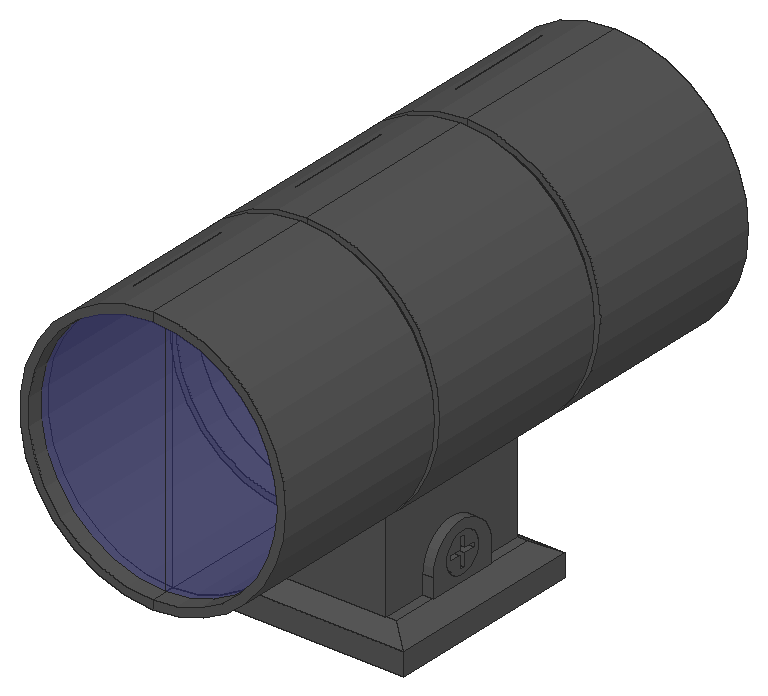
Revit family "CARLO CYLINDER LIGHT WALL MOUNT", category Lighting Fixtures, host Face, Revit 2020 (continued)
Types (10): name | Wattage_Input | Wattage Comments | Wattage | Photometric Web File | built-in parameter 1150142 | Model | built-in parameter 1150105 | Lumens | Light Length 1 | LIGHT RADIUS | LIGHT PLACEMENT | LIGHT LENGTH | LIGHT DIA | built-in parameter 1150106 | FIXED END HEIGHT | Curve base Height | Base Curve | BEAMING ANGLE | Apparent Load
    00.1 1212.3 \r\n 1136.6 1056.4 977.02 894.17 820.48 771.3 734.2 701.6 674.29 650.52 \r\n 630.28 613.04 598.54 586.53 576.5 567.96 560.73 554.58 549.15 543.98 \r\n 539.18 534.71 530.61 526.97 523.53 519.98 516.44 512.85 509.41 506.44 \r\n 503.51 500.2 496.84 493.69 490.57 487.5 484.18 480.23 475.8 471.65 \r\n 465.49 455.27 441.09 421.84 399.05 373.78 346.32 317.19 286.75 255.22 \r\n 223.61 191.93 163.33 142.66 124.77 105.68 86.736 66.186 49.422 43.584 \r\n 41.671 38.526 35.757 33.343 31.019 28.357 25.814 23.762 22.027 20.605 \r\n 19.351 18.094 16.912 15.857 14.848 13.791 12.777 11.895 11.055 10.174 \r\n 9.324 8.5617 7.855 7.1936 6.5698 5.9594 5.4023 4.9406 4.5435 4.2 \r\n 3.8937 3.5977 3.3326 3.1159 2.9307 2.7668 2.6216 2.4902 2.3693 2.2534 \r\n 2.1449 2.0444 1.9522 1.8693 1.7933 1.7228 1.6561 1.5911 1.5268 1.4595 \r\n 1.3942 1.3362 1.2813 1.2265 1.1729 1.1208 1.0699 1.0212 0.97208 0.91888 \r\n 0.86593 0.81725 0.77013 0.72211 0.67654 0.63769 0.60029 0.55924 0.5184 0.48063 \r\n 0.44391 0.40624 0.37039 0.3391 0.31036 0.28273 0.25727 0.23707 0.21798 0.19728 \r\n 0.17376 0.14688 0.1119 0.053668 0.00282 0 0 0 0 0 \r\n 0 0 0 0 0 0.00094743 0.01164 0.04782 0.089605 0.11964 \r\n 0.1461 0.17025 0.1954 0.22712 0.25989 0.28872 0.31751 0.35008 0.38159 0.40641 \r\n 0.43094 0.46052 0.49277 0.52626 0.56344 0.60802 0.65475 0.69875 0.74257 0.78627 \r\n 0.8325 0.88637 0.94064 0.98747 1.0338 1.0848 1.1381 1.1933 1.2501 1.3072 \r\n 1.3662 1.4296 1.4932 1.5511 1.6097 1.6736 1.7423 1.8171 1.8977 1.984 \r\n 2.0773 2.1779 2.2884 2.4122 2.5468 2.6878 2.8454 3.0284 3.237 3.4762 \r\n 3.7404 4.0169 4.3321 4.7109 5.1449 5.6275 6.1781 6.8257 7.5342 8.2786 \r\n 9.0544 9.8397 10.663 11.551 12.486 13.455 14.456 15.489 16.531 17.53 \r\n 18.585 19.819 21.1 22.21 23.525 25.38 27.683 30.55 33.698 36.855 \r\n 40.103 42.597 46.84 54.9 67.233 85.648 108.15 133.47 161.2 190.82 \r\n 221.33 251.42 281.5 311.85 341.45 369.58 395.5 418.65 437.65 450.11 \r\n 458.46 463.99 467.82 471.66 474.94 477.58 479.82 481.78 483.74 486.15 \r\n 488.67 490.95 493.38 496.35 499.52 502.67 505.84 509.02 512.17 515.09 \r\n 518.29 522.31 526.83 531.68 536.97 542.62 549.07 556.67 565.61 576 \r\n 588.42 603.5 621.16 641.07 664.64 692.87 726.69 766.96 814.91 872.07 \r\n 938.42 1014.4 1100.1 1194.8 1302.1 1424.9 1564.5 1725.1 1900.7 2086.5 \r\n 2281.7 2485.5 2693.4 2899.9 3107.7 3318.9 3530.1 3739.8 3944.3 4140.4 \r\n 4324.7 4491.1 4643.7 4784.5 4912.5 5028.1 5129.7 5214.1 5286.3 5350.8 \r\n 5509.6 \r\n5444.5 5446.5 5400.7 5346.4 5281.9 5207.4 5118.9 5011 4888 4751.1 \r\n 4604 4452.7 4291.2 4112.9 3925.1 3733.4 3536.2 3332.6 3126.4 2919.9 \r\n 2716 2519.1 2326.2 2133.6 1948 1773.9 1613.7 1470.5 1346.3 1249 \r\n 1164.1 1078 994.94 911.26 837.43 786.48 747.18 712.35 682.91 657.41 \r\n 635.72 617.28 601.85 589.19 578.68 569.64 561.97 555.43 549.72 544.45 \r\n 539.67 535.32 531.38 527.86 524.56 521.26 517.95 514.47 511.04 507.97 \r\n 504.92 501.55 498.13 494.91 491.72 488.59 485.21 481.2 476.77 472.6 \r\n 466.83 458.05 445.48 427.28 405.26 380.58 353.48 324.4 293.98 262.82 \r\n 231.59 200.37 171.61 149.13 129.03 108.28 88.148 67.28 50.536 44.616 \r\n 42.646 39.444 36.631 34.191 31.852 29.212 26.644 24.398 22.448 20.918 \r\n 19.607 18.345 17.167 16.063 15.01 13.969 12.977 12.082 11.224 10.34 \r\n 9.4904 8.7283 8.0162 7.3292 6.6818 6.0756 5.5236 5.0432 4.6222 4.2591 \r\n 3.9384 3.6405 3.3755 3.1508 2.9555 2.7821 2.6287 2.4926 2.3682 2.2475 \r\n 2.1352 2.0344 1.9422 1.8567 1.7779 1.7062 1.6385 1.5722 1.5067 1.4391 \r\n 1.3737 1.315 1.2593 1.2037 1.1499 1.099 1.0492 0.99855 0.94779 0.89652 \r\n 0.84614 0.79869 0.75186 0.70239 0.65518 0.61586 0.579 0.54009 0.50195 0.46631 \r\n 0.43183 0.39725 0.36402 0.33355 0.30465 0.27588 0.24945 0.22972 0.21127 0.19003 \r\n 0.16643 0.1415 0.10947 0.055564 0.0078068 0 0 0 0 0 \r\n 0 0 0 0 0.000000 0.0098719 0.029078 0.064629 0.10375 0.13399 \r\n 0.16141 0.18697 0.21352 0.24577 0.27906 0.3094 0.33951 0.37183 0.40309 0.4297 \r\n 0.45658 0.48803 0.52242 0.55947 0.59944 0.64338 0.68862 0.73202 0.77599 0.82154 \r\n 0.86975 0.924 0.97847 1.0264 1.0739 1.1254 1.1789 1.234 1.2906 1.3478 \r\n 1.4066 1.4686 1.531 1.5893 1.6489 1.7137 1.783 1.8574 1.9375 2.0235 \r\n 2.1163 2.2161 2.3256 2.4485 2.5821 2.7216 2.8779 3.0602 3.2696 3.5123 \r\n 3.7811 4.0634 4.3827 4.7593 5.1918 5.6816 6.2399 6.8876 7.5965 8.3483 \r\n 9.1344 9.9327 10.766 11.652 12.582 13.554 14.559 15.596 16.641 17.637 \r\n 18.689 19.936 21.223 22.315 23.6 25.411 27.676 30.538 33.683 36.814 \r\n 40.013 42.146 46.562 56.786 71.147 89.127 110.79 136.52 164.88 194.86 \r\n 225.66 256.07 286.37 316.76 346.29 374.41 400.19 422.92 441.28 452.7 \r\n 460.12 465.37 469.18 473.06 476.4 478.97 481.15 483.25 485.35 487.7 \r\n 490.14 492.48 494.98 497.91 501.03 504.15 507.31 510.52 513.69 516.57 \r\n 519.68 523.57 527.91 532.46 537.47 542.98 549.34 556.82 565.6 575.75 \r\n 587.87 602.6 619.91 639.52 662.78 690.64 723.96 762.82 810.51 871.91 \r\n 942.35 1018.3 1101.3 1188.9 1289 1409.5 1548.1 1707.1 1880.8 2064.9 \r\n 2258.6 2461 2668.5 2876.5 3086.5 3299.4 3512.5 3724.6 3931.1 4127.5 \r\n 4311.8 4479.5 4633.5 4775.4 4904.5 5020.9 5123.2 5208.7 5281.9 5346.9 \r\n 5509.6 \r\n5444.5 5449.4 5408.2 5358.5 5298.5 5227.6 5143.3 5041.7 4925 4792.5 \r\n 4649.4 4502.4 4345.5 4173 3990.6 3802.4 3607.9 3406.9 3202.8 2998.6 \r\n 2796 2598.3 2403.1 2206.8 2017.1 1840.1 1676.4 1528.1 1396.9 1288.6 \r\n 1192.9 1100.3 1013.5 929.86 856.71 803.69 761.63 724.31 692.53 665.12 \r\n 641.82 622.06 605.58 592.18 581.08 571.46 563.28 556.28 550.23 544.82 \r\n 540.04 535.82 532.04 528.61 525.43 522.4 519.35 515.98 512.58 509.43 \r\n 506.26 502.85 499.42 496.19 492.99 489.84 486.45 482.43 478.05 473.92 \r\n 468.59 461.38 450.61 433.66 412.63 388.62 361.92 332.87 302.48 271.73 \r\n 240.94 210.17 181.15 156.42 133.63 110.89 89.423 68.567 52.184 46.029 \r\n 43.763 40.477 37.637 35.151 32.78 30.163 27.576 25.132 22.957 21.295 \r\n 19.904 18.631 17.458 16.301 15.199 14.173 13.205 12.294 11.417 10.531 \r\n 9.684 8.9195 8.1982 7.4831 6.8101 6.2082 5.6613 5.1606 4.7133 4.3288 \r\n 3.9921 3.6918 3.4266 3.1924 2.9856 2.8016 2.6389 2.4973 2.3687 2.2428 \r\n 2.1265 2.0252 1.9329 1.8443 1.7622 1.689 1.6203 1.5523 1.4855 1.4178 \r\n 1.3524 1.2929 1.2362 1.1799 1.1257 1.0761 1.0271 0.9744 0.92188 0.87269 \r\n 0.82512 0.77916 0.73283 0.68193 0.63305 0.59327 0.55694 0.52021 0.48486 0.45169 \r\n 0.41978 0.38838 0.35782 0.32829 0.29938 0.26963 0.24226 0.22255 0.20427 0.18224 \r\n 0.15854 0.13574 0.10711 0.058666 0.014796 0.0016281 0 0 0 0 \r\n 0 0 0 0 0 0.019569 0.048095 0.083213 0.11974 0.15041 \r\n 0.17908 0.20643 0.23467 0.26746 0.30119 0.33302 0.36434 0.39609 0.4269 0.45611 \r\n 0.48623 0.51965 0.55616 0.59715 0.64019 0.68315 0.72653 0.76948 0.81385 0.86132 \r\n 0.9115 0.96595 1.0205 1.0698 1.1188 1.1709 1.2247 1.2798 1.3362 1.3935 \r\n 1.4521 1.5126 1.5736 1.633 1.6942 1.7602 1.8303 1.9047 1.9844 2.0704 \r\n 2.1631 2.2624 2.3712 2.4935 2.6265 2.765 2.9206 3.1027 3.3132 3.5598 \r\n 3.8343 4.124 4.4497 4.8257 5.2583 5.7583 6.3268 6.9749 7.6844 8.4458 \r\n 9.2446 10.058 10.902 11.787 12.713 13.688 14.698 15.739 16.787 17.783 \r\n 18.837 20.093 21.386 22.466 23.731 25.512 27.75 30.609 33.747 36.832 \r\n 40.003 41.915 46.697 59.306 75.909 93.602 114.56 140.79 169.88 200.29 \r\n 231.44 262.23 292.79 323.18 352.59 380.61 406.09 428.18 445.67 455.99 \r\n 462.46 467.4 471.16 475.05 478.43 480.89 483.01 485.25 487.5 489.82 \r\n 492.19 494.62 497.2 500.12 503.18 506.26 509.4 512.66 515.89 518.77 \r\n 521.83 525.6 529.76 534.02 538.77 544.19 550.51 557.94 566.63 576.62 \r\n 588.54 603 620.05 639.52 662.64 690.34 723.4 761.12 808.87 874.87 \r\n 949.82 1026.3 1106.9 1187.8 1281.3 1400.1 1538.3 1695.9 1868.4 2051.4 \r\n 2244.1 2445.3 2652.2 2861.6 3073.7 3288.4 3503.2 3717.7 3926 4122.2 \r\n 4306.1 4474.8 4630 4772.8 4902.5 5019.4 5122.2 5208.3 5282 5347 \r\n 5509.6 \r\n5444.5 5452.4 5416 5370.9 5315.5 5248.4 5168.3 5073.2 4963.1 4835.5 \r\n 4696.5 4553.9 4401.6 4234.8 4057.9 3873.5 3682 3483.7 3282 3080.2 \r\n 2878.8 2680 2482.4 2282.7 2089.2 1909.4 1742.2 1588.7 1450.3 1330.4 \r\n 1223.3 1123.9 1033.4 950.28 878.22 822.68 777.25 737.21 703 673.55 \r\n 648.53 627.36 609.74 595.5 583.74 573.47 564.72 557.21 550.78 545.2 \r\n 540.39 536.26 532.62 529.23 526.12 523.34 520.55 517.28 513.91 510.69 \r\n 507.44 504.01 500.59 497.4 494.26 491.12 487.74 483.77 479.5 475.44 \r\n 470.58 464.94 455.99 440.51 420.65 397.4 371.15 342.18 311.82 281.52 \r\n 251.17 220.81 191.45 164.33 138.71 113.82 90.974 70.373 54.548 47.897 \r\n 45.017 41.602 38.757 36.201 33.777 31.181 28.579 25.95 23.557 21.738 \r\n 20.239 18.947 17.775 16.563 15.414 14.399 13.451 12.524 11.626 10.742 \r\n 9.8974 9.1278 8.3941 7.6512 6.9533 6.354 5.8103 5.2889 4.8153 4.4087 \r\n 4.0551 3.7512 3.4844 3.2398 3.0206 2.8254 2.6532 2.5056 2.3725 2.2414 \r\n 2.121 2.0191 1.9264 1.8347 1.7491 1.6741 1.6041 1.5345 1.4665 1.3989 \r\n 1.3337 1.2733 1.2155 1.1585 1.1041 1.0554 1.007 0.95226 0.89811 0.85094 \r\n 0.80611 0.76166 0.71592 0.66386 0.61357 0.57337 0.53752 0.50275 0.46997 0.43921 \r\n 0.40982 0.38138 0.35328 0.32475 0.29594 0.26545 0.23722 0.21714 0.19856 0.17559 \r\n 0.15175 0.13109 0.10604 0.063672 0.024014 0.0068802 0 0 0 0 \r\n 0 0 0 0 0 0.029271 0.067206 0.10221 0.13651 0.16787 \r\n 0.19802 0.22747 0.25766 0.29098 0.32505 0.35826 0.3907 0.42172 0.45201 0.4842 \r\n 0.51792 0.55317 0.59152 0.63626 0.68221 0.72401 0.76542 0.80812 0.85307 0.90238 \r\n 0.95433 1.0087 1.0632 1.1139 1.1645 1.2173 1.2715 1.3267 1.3831 1.4406 \r\n 1.4991 1.5579 1.6178 1.6786 1.7419 1.8091 1.8802 1.955 2.0349 2.1212 \r\n 2.2141 2.3134 2.4221 2.5443 2.6773 2.8158 2.9717 3.1544 3.3666 3.6172 \r\n 3.8975 4.1965 4.5307 4.9086 5.344 5.8563 6.437 7.0869 7.7982 8.5707 \r\n 9.3836 10.212 11.068 11.953 12.878 13.858 14.874 15.917 16.968 17.969 \r\n 19.027 20.289 21.584 22.656 23.909 25.675 27.903 30.771 33.918 36.951 \r\n 40.151 42.093 47.499 62.541 81.442 99.136 119.67 146.5 176.34 207.19 \r\n 238.69 269.86 300.66 330.99 360.16 387.88 412.86 434 450.39 459.59 \r\n 465.13 469.77 473.46 477.32 480.7 483.07 485.14 487.52 489.92 492.23 \r\n 494.59 497.11 499.79 502.7 505.73 508.75 511.87 515.19 518.49 521.41 \r\n 524.46 528.12 532.12 536.15 540.68 546.06 552.39 559.81 568.49 578.44 \r\n 590.27 604.58 621.51 640.98 664.16 691.9 724.96 761.96 810.06 880.41 \r\n 959.64 1036.8 1115.8 1191.4 1279.6 1397.3 1535.7 1692.6 1864.3 2047.1 \r\n 2239.6 2439.8 2646.1 2856.8 3070.7 3286.7 3503 3719.4 3929.1 4124.8 \r\n 4307.9 4477.2 4633.3 4776.4 4906.4 5023.3 5126.1 5212.3 5285.9 5350.5 \r\n 5509.6 \r\n5444.5 5455.1 5423.3 5382.8 5331.8 5268.6 5192.8 5104.1 5000.6 4877.9 \r\n 4743.5 4605 4457 4295.9 4124.5 3944 3755.7 3560.3 3360.9 3161.4 \r\n 2961.2 2761.3 2561.4 2358.8 2162.1 1979.6 1809 1650.4 1504.8 1373.6 \r\n 1255.5 1149.4 1055.3 972.83 901.88 843.19 793.73 750.83 714.15 682.6 \r\n 655.81 633.16 614.35 599.19 586.67 575.72 566.36 558.32 551.48 545.68 \r\n 540.79 536.7 533.13 529.73 526.63 524.03 521.43 518.26 514.92 511.65 \r\n 508.35 504.92 501.54 498.45 495.4 492.3 488.97 485.09 480.97 477.01 \r\n 472.61 468.39 461.17 447.3 428.84 406.44 380.69 351.89 321.63 291.76 \r\n 261.81 231.77 202.01 172.68 144.42 117.43 93.216 73.025 57.808 50.294 \r\n 46.402 42.796 39.973 37.321 34.823 32.237 29.623 26.837 24.246 22.248 \r\n 20.61 19.284 18.106 16.844 15.652 14.642 13.707 12.764 11.849 10.965 \r\n 10.124 9.3455 8.5972 7.8299 7.1103 6.5099 5.9655 5.4243 4.9264 4.4983 \r\n 4.1276 3.8181 3.5476 3.2918 3.06 2.854 2.6725 2.5188 2.3811 2.2452 \r\n 2.1213 2.0184 1.9251 1.8301 1.7411 1.6643 1.5929 1.5219 1.4528 1.3855 \r\n 1.3207 1.2594 1.2006 1.1431 1.0885 1.0403 0.99217 0.93569 0.88027 0.83484 \r\n 0.79235 0.74919 0.70403 0.65131 0.60014 0.55964 0.52413 0.49087 0.4601 0.43158 \r\n 0.40404 0.37798 0.3519 0.32431 0.29576 0.26482 0.23589 0.21506 0.19572 0.17173 \r\n 0.14773 0.12908 0.10745 0.07128 0.035687 0.013358 0 0 0 0 \r\n 0 0 0 0 0.00096539 0.038753 0.08493 0.12021 0.15301 0.18531 \r\n 0.21712 0.24895 0.28129 0.31512 0.34941 0.38383 0.41726 0.44757 0.4775 0.51258 \r\n 0.54967 0.58636 0.62603 0.67378 0.72202 0.76262 0.80226 0.84493 0.89061 0.94149 \r\n 0.99484 1.0489 1.103 1.1551 1.2072 1.2609 1.3155 1.3709 1.4274 1.4852 \r\n 1.5436 1.601 1.66 1.7226 1.7883 1.8568 1.9288 2.0045 2.0853 2.1724 \r\n 2.266 2.3657 2.4749 2.5978 2.7319 2.8719 3.0296 3.2137 3.4281 3.6824 \r\n 3.9688 4.2785 4.6237 5.0069 5.4483 5.9746 6.569 7.2229 7.9382 8.7228 \r\n 9.5502 10.394 11.262 12.151 13.076 14.063 15.085 16.13 17.184 18.193 \r\n 19.258 20.521 21.813 22.879 24.127 25.893 28.132 31.035 34.225 37.215 \r\n 40.531 42.869 49.224 66.57 87.666 105.79 126.36 153.85 184.39 215.63 \r\n 247.43 278.92 309.88 340.02 368.77 395.96 420.14 439.97 454.99 463.09 \r\n 467.82 472.16 475.79 479.57 482.91 485.22 487.27 489.77 492.31 494.66 \r\n 497.05 499.69 502.48 505.41 508.41 511.38 514.46 517.85 521.24 524.23 \r\n 527.3 530.88 534.74 538.61 543.01 548.4 554.78 562.25 570.99 581.01 \r\n 592.92 607.23 624.18 643.84 667.26 695.27 728.6 765.45 814.18 887.98 \r\n 970.64 1048.8 1127.1 1199.6 1284.5 1402 1540.9 1697.8 1869.6 2053.2 \r\n 2246.4 2445.9 2651.7 2863.2 3078.3 3295.5 3512.8 3730.4 3940.8 4135.7 \r\n 4317.7 4487 4643.2 4786.2 4915.9 5032.4 5134.6 5220.2 5293 5356.4 \r\n 5509.6 \r\n5444.5 5454.3 5425.6 5387.9 5339.9 5281 5209.8 5125.5 5026.4 4908 \r\n 4777.7 4642.6 4498.1 4341.4 4174.5 3998 3813 3619.2 3420.7 3221.6 \r\n 3021.6 2821.5 2621.3 2418.7 2221.1 2036.1 1861.9 1699 1548.5 1411.4 \r\n 1287.6 1177.3 1080.5 998.69 927.84 863.69 808.12 762.51 724.17 690.88 \r\n 662.61 638.73 618.87 602.79 589.51 577.96 568.14 559.72 552.58 546.54 \r\n 541.44 537.19 533.47 529.84 526.53 523.77 521.07 517.91 514.62 511.35 \r\n 508.07 504.73 501.48 498.57 495.69 492.63 489.35 485.66 481.75 477.9 \r\n 473.76 470.05 463.78 451.85 435.27 413.59 388.14 359.61 329.51 299.82 \r\n 269.9 239.66 209.54 179.77 150.89 122.69 97.54 78.026 63.194 53.486 \r\n 47.311 43.618 41.233 38.466 35.807 33.207 30.596 27.771 25.076 22.802 \r\n 20.897 19.506 18.333 17.074 15.887 14.853 13.893 12.949 12.039 11.159 \r\n 10.314 9.518 8.752 7.9854 7.2662 6.6477 6.0831 5.5338 5.0292 4.5882 \r\n 4.204 3.8845 3.6047 3.3381 3.0967 2.8848 2.6993 2.5422 2.4022 2.266 \r\n 2.1421 2.0384 1.9437 1.8468 1.7559 1.6778 1.6057 1.5348 1.4665 1.4005 \r\n 1.3367 1.2749 1.2155 1.159 1.1053 1.0558 1.0061 0.94991 0.89511 0.84967 \r\n 0.80703 0.76354 0.71846 0.66727 0.61759 0.57719 0.54113 0.50687 0.47507 0.44587 \r\n 0.41827 0.39161 0.36504 0.33784 0.30985 0.2793 0.25026 0.22802 0.20708 0.18209 \r\n 0.1579 0.14058 0.12117 0.089263 0.055282 0.024637 0.0019851 0 0.000041 0 \r\n 0 0 0 0 0.0091519 0.046 0.090476 0.12641 0.16065 0.19463 \r\n 0.22842 0.26268 0.2971 0.33161 0.36617 0.40118 0.43524 0.46614 0.49679 0.53259 \r\n 0.57002 0.60607 0.64456 0.69062 0.7373 0.77721 0.81677 0.86015 0.90671 0.95824 \r\n 1.0116 1.0639 1.1164 1.1692 1.2225 1.2767 1.3319 1.3882 1.4455 1.5037 \r\n 1.5623 1.6192 1.6782 1.7429 1.8108 1.8795 1.952 2.0308 2.1149 2.2037 \r\n 2.2988 2.4004 2.5123 2.6389 2.7777 2.925 3.0896 3.2772 3.4937 3.7479 \r\n 4.0373 4.3607 4.7233 5.1227 5.5796 6.1194 6.7265 7.3937 8.1217 8.9169 \r\n 9.7543 10.607 11.486 12.389 13.328 14.324 15.352 16.397 17.449 18.465 \r\n 19.533 20.785 22.058 23.088 24.313 26.088 28.388 31.495 34.834 37.425 \r\n 40.77 44.831 53.254 71.781 94.095 114.34 136.86 165.14 195.95 227.26 \r\n 258.98 290.53 321.38 350.91 378.71 404.68 427.23 444.58 457.29 464.45 \r\n 468.82 473.03 476.63 480.22 483.39 485.78 487.98 490.54 493.17 495.73 \r\n 498.36 501.2 504.13 507.12 510.13 513.05 516.08 519.48 522.94 526.09 \r\n 529.3 532.83 536.65 540.66 545.23 550.68 557.1 564.64 573.55 583.97 \r\n 596.35 611.09 628.48 648.59 672.52 701.19 735.22 773 822.01 893.61 \r\n 974.51 1054.1 1135.7 1213.8 1304.1 1423.1 1562.8 1721.5 1896 2083.5 \r\n 2280.2 2480.9 2686.5 2896.9 3110.6 3327.4 3544.1 3759.8 3968.2 4162.4 \r\n 4343.7 4511.2 4665.3 4806.4 4934.2 5049.1 5149.4 5232.3 5302.2 5363.1 \r\n 5509.6 \r\n5444.5 5453 5427.2 5392 5347 5292.4 5225.9 5145.7 5050.7 4936.8 \r\n 4810.8 4679 4537.9 4385.3 4222.7 4050.4 3868.8 3676.7 3479.1 3280.4 \r\n 3080.4 2880.3 2680.2 2478.1 2280.5 2093 1915.2 1748.3 1593.1 1451.1 \r\n 1322.6 1208.3 1108.6 1027 955.67 885.6 823.59 775.15 735.1 699.99 \r\n 670.18 644.99 624.02 606.93 592.79 580.6 570.28 561.46 553.99 547.64 \r\n 542.27 537.79 533.83 529.92 526.34 523.33 520.47 517.3 514.05 510.8 \r\n 507.55 504.32 501.22 498.5 495.8 492.8 489.59 486.1 482.
